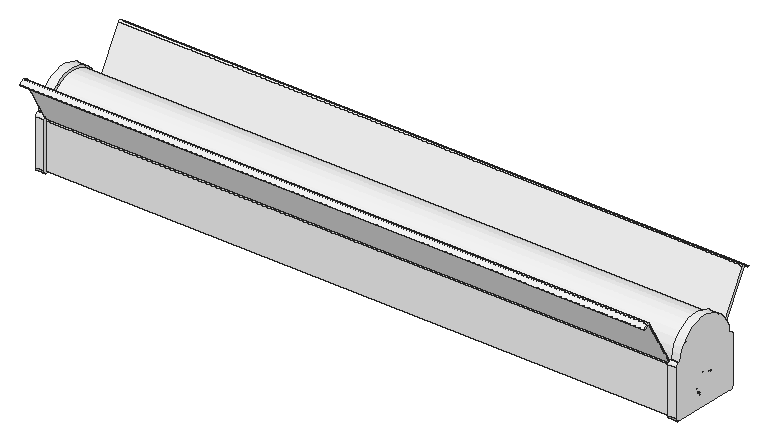
Revit family "0045176+0045231 Feilo Sylvania Lighting Fixture SYLBATTEN LED1 WW TP3 with SYMMETRIC REFLECTOR ACCESSORY 600MM", category Lighting Fixtures, host Face, Revit 2017
Family settings
  Host = Face
  Round Connector Dimension = Use Diameter
  Part Type = Normal
  OmniClass Number = 23.80.70.00
  OmniClass Title = Lighting
  Cut with Voids When Loaded = No
  Light Source = Yes
  Shared = No
  Room Calculation Point = No
Parameters (values of type "0045176 SYLBATTEN LED1 WW TP3")
  Width_FEILO = 66 mm
  Weight = "1.254 kg"
  Wattage Comments = "n/a"
  Wattage = 11 W
  WarrantyStartDate [instance] = "n/a"
  WarrantyGuarantorParts = "n/a"
  WarrantyDurationUnit = "n/a"
  WarrantyDurationParts = "n/a"
  WarrantyDescription = "n/a"
  built-in parameter 1150110 = 1 (stored number, unit not read)
  Voltage = 230 V
  URL = "http://www.sylvania-lighting.com"
  TypeName = "SYLBATTEN LED1 WW TP3"
  Type Image = <None>
  Type Comments = "n/a"
  built-in parameter 1114217 = 1 (stored number, unit not read)
  Tilt Angle = -90.00°
  built-in parameter 1150109 = 1 (stored number, unit not read)
  built-in parameter 1150134 = (empty or 0)
  SymReflector_FEILO = yes
  built-in parameter 1150113 = 1 (stored number, unit not read)
  SerialNumber [instance] = "n/a"
  PowerFactor = 0
  PowerConsumption = "11 W"
  Photometric Web File = "0045176+0045231.ies"
  NominalLength = 605 mm
  NominalHeight = 91 mm
  NominalDepth = 122 mm
  Name = "SYLBATTEN LED1 WW TP3"
  ModelReference = Name  # "SYLBATTEN LED1 WW TP3"
  ModelNumber = "0045176"
  Model = Name  # "SYLBATTEN LED1 WW TP3"
  Material_4_FEILO = Reflector-Sylvania-Sylbatten-White
  Material_3_FEILO = Diffuser-Sylvania-Sylbatten-Glow
  Material_2_FEILO = Body-Sylvania-Sylbatten-White
  Material_1_FEILO = Body-Sylvania-Sylbatten-White
  Material = "sheet steel housing, polycarbonate diffuser"
  ManufacturerName = "Feilo Sylvania"
  Manufacturer = "Feilo Sylvania"
  LuminousEfficacy = "92 lm/W"
  built-in parameter 1150105 = 80.532 (stored number, unit not read)
  Lumens = 1012 lm
  LuminaireType = ""
  built-in parameter 1150115 = 1 (stored number, unit not read)
  LightOutputRatio = "100"
  built-in parameter 1150137 = (empty or 0)
  built-in parameter 1150139 = (empty or 0)
  Length_FEILO = 605 mm
  LampsType = Lamp  # "LED"
  LampNominalLuminous = "1012 lm"
  LampMacAdamStep = "n/a"
  LampColourTemperature = "3000 K"
  LampColourRenderingIndex = "80"
  built-in parameter 1150112 = 1 (stored number, unit not read)
  built-in parameter 1150114 = 1 (stored number, unit not read)
  Lamp = "LED"
  Keynote = "16500"
  InstallationDate [instance] = "n/a"
  InputVoltage = "220-240V~"
  InputNominalFrequency = "n/a"
  built-in parameter 1150132 = (empty or 0)
  built-in parameter 1150102 = (empty or 0)
  built-in parameter 1150107 = 3000 (stored number, unit not read)
  built-in parameter 1150138 = (empty or 0)
  IngressProtection = "IP20"
  ImpactProtectionIndex = "IK07"
  built-in parameter 1150106 = 0.80532 (stored number, unit not read)
  IfcExportType = "IfcLightFixtureType"
  IfcExportAs = "IfcLightFixtureType"
  Height_FEILO = 76 mm
  ExpectedLife = 50000
  Emit from Rectangle Width = Length_FEILO - 16 mm  # 589 mm
  Emit from Rectangle Length = Width_FEILO - 40 mm  # 26 mm
  Emit Shape Visible in Rendering = no
  ElectricShockClassification = "Class I"
  built-in parameter 1150104 = 8.5471 (stored number, unit not read)
  DurationUnit = "hours"
  DocumentationLiterature = "http://www.sylvania-lighting.com/product/en-int/products/0045176"
  DimmingControlOptions = "n/a"
  Dimming Lamp Color Temperature Shift = <None>
  Description = "LED batten, T8 replacement, ease of installation through 2 part push-in design of the housing (safety cable included), through wiring capability (TP3 = 3 core), sheet steel, 1012LM, 11W, 92lm/W, 3000K, drive current: 350mA, CRI 80, 138° wide beam angle, electronic driver (non dimmable), IP20, IK07, 50,000 hrs (L70), (LxWxH) 605x66x76mm, 5 step MacAdam ellipse, 1.8kg, white RAL 9016, Class 1, 220-240V, energy class: A++, A+, A."
  Default Elevation = 1219.2 mm
  CreatedOn = "1/25/2018"
  CreatedBy = ""
  Cost = 0
  Color Filter = 16777215
  built-in parameter 1114216 [instance] = (empty or 0)
  ClassificationValue = "EF_70_80"
  ClassificationName = "Uniclass2015"
  CapOffset_FEILO = 2 mm
  BarCode [instance] = "n/a"
  built-in parameter 1114218 = 1 (stored number, unit not read)
  BackReflector_FEILO = and(not(AsymReflector_FEILO), SymReflector_FEILO)  # yes
  built-in parameter 1150133 = 10 (stored number, unit not read)
  FrontReflector_FEILO = or(AsymReflector_FEILO, SymReflector_FEILO)  # yes
  AsymReflector_FEILO = no
  AssetType = "Fixed"
  AssetIdentifier [instance] = "n/a"
  Assembly Code = "D5020200"
  Apparent Load = 11 VA
Reference planes
  plane 1 "Center (Front/Back)": y = 0
  plane 2: z = 0
  plane 3 "Center (Left/Right)": x = 0
  plane 4: x = 302.5
  plane 5: x = -302.5
  plane 6: y = 33
  plane 7: y = -33
  plane 8: z = 76
  plane 9: z = 47
  plane 10: y = -29
  plane 11: y = 29
  plane 12: z = 20
  plane 13: z = 74
  plane 14: y = -31
  plane 15: y = -27
  plane 16: y = 27
  plane 17: y = 31
  plane 18: z = 2
  plane 19: x = -294.5
  plane 20: x = 294.5
  plane 21: z = 49
  plane 22: y = 1
  plane 23: y = -1
  plane 24: z = 21
  plane 25: z = 19
  plane 26: y = -61
  plane 27: y = 61
  plane 28: y = -56
  plane 29: y = 56
  plane 30: z = 91
  plane 31: z = 88
Forms (mm)
  Extrusion 1, solid, material "Body-Sylvania-Sylbatten-White" <- "Material_2_FEILO"
    sketch origin (0, 0, 0) x (0, 1, 0) y (0, 0, 1)
      loop
        line (-31, 2) -> (31, 2) -> (31, 45)
        arc (31, 45) -> (30.414, 46.414) -> (29, 47) r 2
        line (29, 47) -> (27, 47)
        arc (27, 47) -> (0, 74) -> (-27, 47) r 27
        line (-27, 47) -> (-29, 47)
        arc (-29, 47) -> (-30.414, 46.414) -> (-31, 45) r 2
        line (-31, 45) -> (-31, 2)
    from -294.5 to 294.5
  Extrusion 2, solid, material "Body-Sylvania-Sylbatten-White" <- "Material_2_FEILO"
    sketch origin (302.5, 1524, 1219.2) x (0, 1, 0) y (0, 0, 1)
      loop
        arc (-1494, -1219.2) -> (-1491.879, -1218.321) -> (-1491, -1216.2) r 3
        line (-1491, -1216.2) -> (-1491, -1173.2)
        arc (-1491, -1173.2) -> (-1491.879, -1171.079) -> (-1494, -1170.2) r 3
        line (-1494, -1170.2) -> (-1495.069, -1170.2)
        arc (-1495.069, -1170.2) -> (-1524, -1143.2) -> (-1552.931, -1170.2) r 29
        line (-1552.931, -1170.2) -> (-1554, -1170.2)
        arc (-1554, -1170.2) -> (-1556.121, -1171.079) -> (-1557, -1173.2) r 3
        line (-1557, -1173.2) -> (-1557, -1216.2)
        arc (-1557, -1216.2) -> (-1556.121, -1218.321) -> (-1554, -1219.2) r 3
        line (-1554, -1219.2) -> (-1494, -1219.2)
      loop
        arc (-1525, -1189.25) -> (-1531.071, -1192.129) -> (-1533.95, -1198.2) r 10
        line (-1533.95, -1198.2) -> (-1532.944, -1198.2)
        arc (-1532.944, -1198.2) -> (-1530.364, -1192.836) -> (-1525, -1190.256) r 9
        line (-1525, -1190.256) -> (-1525, -1189.25)
      loop
        arc (-1523, -1190.256) -> (-1517.636, -1192.836) -> (-1515.056, -1198.2) r 9
        line (-1515.056, -1198.2) -> (-1514.05, -1198.2)
        arc (-1514.05, -1198.2) -> (-1516.929, -1192.129) -> (-1523, -1189.25) r 10
        line (-1523, -1189.25) -> (-1523, -1190.256)
      loop
        line (-1532.944, -1200.2) -> (-1533.95, -1200.2)
        arc (-1533.95, -1200.2) -> (-1531.071, -1206.271) -> (-1525, -1209.15) r 10
        line (-1525, -1209.15) -> (-1525, -1208.144)
        arc (-1525, -1208.144) -> (-1530.364, -1205.564) -> (-1532.944, -1200.2) r 9
      loop
        arc (-1515.056, -1200.2) -> (-1517.636, -1205.564) -> (-1523, -1208.144) r 9
        line (-1523, -1208.144) -> (-1523, -1209.15)
        arc (-1523, -1209.15) -> (-1516.929, -1206.271) -> (-1514.05, -1200.2) r 10
        line (-1514.05, -1200.2) -> (-1515.056, -1200.2)
    from 0 to -8
  Extrusion 3, solid, material "Body-Sylvania-Sylbatten-White" <- "Material_2_FEILO"
    sketch origin (-302.5, 1524, 1219.2) x (0, 1, 0) y (0, 0, 1)
      loop
        arc (-1495.069, -1170.2) -> (-1524, -1143.2) -> (-1552.931, -1170.2) r 29
        line (-1552.931, -1170.2) -> (-1554, -1170.2)
        arc (-1554, -1170.2) -> (-1556.121, -1171.079) -> (-1557, -1173.2) r 3
        line (-1557, -1173.2) -> (-1557, -1216.2)
        arc (-1557, -1216.2) -> (-1556.121, -1218.321) -> (-1554, -1219.2) r 3
        line (-1554, -1219.2) -> (-1494, -1219.2)
        arc (-1494, -1219.2) -> (-1491.879, -1218.321) -> (-1491, -1216.2) r 3
        line (-1491, -1216.2) -> (-1491, -1173.2)
        arc (-1491, -1173.2) -> (-1491.879, -1171.079) -> (-1494, -1170.2) r 3
        line (-1494, -1170.2) -> (-1495.069, -1170.2)
      loop
        line (-1533.95, -1198.2) -> (-1532.944, -1198.2)
        arc (-1532.944, -1198.2) -> (-1530.364, -1192.836) -> (-1525, -1190.256) r 9
        line (-1525, -1190.256) -> (-1525, -1189.25)
        arc (-1525, -1189.25) -> (-1531.071, -1192.129) -> (-1533.95, -1198.2) r 10
      loop
        line (-1523, -1189.25) -> (-1523, -1190.256)
        arc (-1523, -1190.256) -> (-1517.636, -1192.836) -> (-1515.056, -1198.2) r 9
        line (-1515.056, -1198.2) -> (-1514.05, -1198.2)
        arc (-1514.05, -1198.2) -> (-1516.929, -1192.129) -> (-1523, -1189.25) r 10
      loop
        line (-1514.05, -1200.2) -> (-1515.056, -1200.2)
        arc (-1515.056, -1200.2) -> (-1517.636, -1205.564) -> (-1523, -1208.144) r 9
        line (-1523, -1208.144) -> (-1523, -1209.15)
        arc (-1523, -1209.15) -> (-1516.929, -1206.271) -> (-1514.05, -1200.2) r 10
      loop
        line (-1525, -1209.15) -> (-1525, -1208.144)
        arc (-1525, -1208.144) -> (-1530.364, -1205.564) -> (-1532.944, -1200.2) r 9
        line (-1532.944, -1200.2) -> (-1533.95, -1200.2)
        arc (-1533.95, -1200.2) -> (-1531.071, -1206.271) -> (-1525, -1209.15) r 10
    from 0 to 8
  Extrusion 4, solid, material "Reflector-Sylvania-Sylbatten-White" <- "Material_4_FEILO", visible <- "FrontReflector_FEILO"
    sketch origin (0, 0, 0) x (0, 1, 0) y (0, 0, 1)
      loop
        line (-61.257, 88.429) -> (-60.743, 87.571) -> (-56.621, 90.044)
        arc (-56.621, 90.044) -> (-56.237, 90.099) -> (-55.929, 89.863) r 0.5
        line (-55.929, 89.863) -> (-31.435, 46.753) -> (-30.565, 47.247) -> (-55.312, 90.802)
        arc (-55.312, 90.802) -> (-55.928, 91.275) -> (-56.696, 91.165) r 1
        line (-56.696, 91.165) -> (-61.257, 88.429)
    from -294.5 to 294.5
  Extrusion 5, solid, material "Reflector-Sylvania-Sylbatten-White" <- "Material_4_FEILO", visible <- "BackReflector_FEILO"
    sketch origin (0, 0, 0) x (0, 1, 0) y (0, 0, 1)
      loop
        line (30.565, 47.247) -> (31.435, 46.753) -> (55.932, 89.868)
        arc (55.932, 89.868) -> (56.245, 90.112) -> (56.638, 90.062) r 0.518
        line (56.638, 90.062) -> (61.033, 87.565) -> (61.527, 88.435) -> (56.682, 91.188)
        arc (56.682, 91.188) -> (55.922, 91.282) -> (55.318, 90.812) r 1
        line (55.318, 90.812) -> (30.565, 47.247)
    from -294.5 to 294.5
Lines and regions (mm)
  reference lines
    curve 1: line (0, -61, 88) -> (0, -56, 91)
    curve 2: line (0, -56, 91) -> (0, -31, 47)
    curve 3: line (0, 31, 47) -> (0, 56, 91)
    curve 4: line (0, 56, 91) -> (0, 61.28, 88)
Dimensions and locks
  equal spacing: plane 5, plane 3 "Center (Left/Right)", plane 4
  equal spacing: plane 7, plane 1 "Center (Front/Back)", plane 6
  "Width_FEILO": plane 7 to plane 6
  "Length_FEILO": plane 5 to plane 4
  "Height_FEILO": plane 8 to plane 2
  locked: plane 9 to plane 8 at 29
  equal spacing: plane 10, plane 1 "Center (Front/Back)", plane 11
  locked: plane 7 to plane 10 at 4
  locked: plane 12 to plane 2 at 20
  "CapOffset_FEILO": plane 13 to plane 8
  "CapOffset_FEILO": plane 7 to plane 14
  "CapOffset_FEILO": plane 10 to plane 15
  "CapOffset_FEILO": plane 17 to plane 6
  "CapOffset_FEILO": plane 16 to plane 11
  "CapOffset_FEILO": plane 18 to plane 2
  locked: plane 14 to Extrusion 1 sketch curve at 2
  locked: Extrusion 1 sketch curve to plane 9 at 2  (x2)
  locked: plane 16 to Extrusion 1 sketch curve at 2
  equal spacing: plane 19, plane 3 "Center (Left/Right)", plane 20
  locked: plane 5 to plane 19 at 8
  "CapOffset_FEILO": plane 9 to plane 21
  locked: Extrusion 2 sketch curve to plane 2 at 47
  locked: Extrusion 1 sketch curve to plane 2 at 47
  locked: Extrusion 2 sketch curve to plane 2 at 3  (x2)
  locked: plane 7 to Extrusion 2 sketch curve at 3  (x2)
  locked: Extrusion 2 sketch curve to plane 6 at 3  (x2)
  locked: Extrusion 2 sketch curve to plane 21 at 3  (x2)
  equal spacing: plane 23, plane 1 "Center (Front/Back)", plane 22
  equal spacing: plane 25, plane 12, plane 24
  plane 30 to plane 31 to plane 2 = 3 mm locked, 88 mm locked
  plane 28 to plane 29 = 112 mm
  plane 26 to plane 27 = 122 mm
  aligned and locked: plane 2 to host face
  aligned and locked: level to host face
  aligned and locked: plane 18 to Extrusion 1 sketch curve
  aligned and locked: plane 14 to Extrusion 1 sketch curve
  aligned and locked: Extrusion 1 sketch curve to plane 9  (x2)
  aligned and locked: Extrusion 1 sketch curve to plane 17
  aligned and locked: plane 15 to Extrusion 1 sketch curve
  aligned and locked: plane 16 to Extrusion 1 sketch curve
  aligned and locked: plane 9 to Extrusion 1 sketch curve
  aligned and locked: plane 20 to Extrusion 1
  aligned and locked: level to Extrusion 2 sketch curve
  aligned and locked: Extrusion 2 sketch curve to plane 7
  aligned and locked: plane 21 to Extrusion 2 sketch curve
  aligned and locked: Extrusion 2 sketch curve to plane 21
  aligned and locked: plane 1 "Center (Front/Back)" to Extrusion 2 sketch curve  (x3)
  aligned and locked: Extrusion 2 to Extrusion 1
  aligned and locked: plane 4 to Extrusion 2
  aligned and locked: plane 12 to Extrusion 2 sketch curve  (x2)
  aligned and locked: Extrusion 2 sketch curve to plane 22
  aligned and locked: Extrusion 2 sketch curve to plane 23
  aligned and locked: Extrusion 2 sketch curve to plane 24
  aligned and locked: Extrusion 2 sketch curve to plane 25
  aligned and locked: plane 25 to Extrusion 2 sketch curve
  aligned and locked: plane 22 to Extrusion 2 sketch curve
  aligned and locked: plane 24 to Extrusion 2 sketch curve
  aligned and locked: plane 23 to Extrusion 2 sketch curve  (x2)
  aligned and locked: Extrusion 3 sketch curve to Extrusion 2  (x22)
  aligned and locked: Extrusion 3 to Extrusion 1
  aligned and locked: Extrusion 3 to plane 5
  aligned and locked: plane 19 to Extrusion 3
  aligned and locked: plane 31 to curve 1
  aligned and locked: plane 30 to curve 1
  aligned and locked: plane 14 to curve 2
  aligned and locked: plane 9 to curve 2
  aligned and locked: plane 17 to curve 3
  aligned and locked: plane 30 to curve 3
  aligned and locked: plane 31 to curve 4
  aligned and locked: Extrusion 4 sketch curve to curve 2
  aligned and locked: Extrusion 4 sketch curve to curve 1
  aligned and locked: Extrusion 4 to Extrusion 1
  aligned and locked: Extrusion 1 to Extrusion 4
  aligned and locked: imposter light to plane 1 "Center (Front/Back)"
  aligned and locked: imposter light to plane 3 "Center (Left/Right)"
  aligned and locked: imposter light to plane 13
  aligned and locked: Extrusion 5 sketch curve to curve 4
  aligned and locked: Extrusion 5 sketch curve to curve 3
  aligned and locked: Extrusion 1 to Extrusion 5
  aligned and locked: Extrusion 5 to Extrusion 1
Automatic sketch dimensions
  host sketch curve to host sketch curve = 2438.4 mm  (x2)
  Extrusion 2 sketch curve to Extrusion 2 sketch curve = 0 mm  (x14)
  Extrusion 2 sketch curve to plane 10 = 0.069 mm
  plane 23 to Extrusion 2 sketch curve = 8.95 mm
  Extrusion 2 sketch curve to Extrusion 2 sketch curve = 1.006 mm  (x4)
  Extrusion 2 sketch curve to plane 22 = 7.944 mm
  curve 1 to plane 26 = 0 mm
  curve 2 to plane 28 = 0 mm
  curve 4 to plane 29 = 0 mm
  plane 9 to curve 3 = 0 mm
  plane 26 to Extrusion 4 sketch curve = 0.257 mm
  Extrusion 4 sketch curve to plane 26 = 0.257 mm
  Extrusion 4 sketch curve to plane 30 = 0.165 mm
  plane 28 to Extrusion 4 sketch curve = 0.696 mm
  plane 28 to Extrusion 4 sketch curve = 0.621 mm
  plane 28 to Extrusion 4 sketch curve = 0.364 mm
  plane 28 to Extrusion 4 sketch curve = 0.182 mm
  Extrusion 4 sketch curve to plane 28 = 0.071 mm
  plane 30 to Extrusion 4 sketch curve = 0.198 mm
  Extrusion 4 sketch curve to plane 28 = 0.688 mm
  plane 9 to Extrusion 4 sketch curve = 0.247 mm
  plane 1 "Center (Front/Back)" to Extrusion 4 sketch curve = 31.435 mm
  Extrusion 5 sketch curve to plane 9 = 0.247 mm
  Extrusion 5 sketch curve to plane 1 "Center (Front/Back)" = 30.565 mm
  plane 9 to Extrusion 5 sketch curve = 0.247 mm
  plane 30 to Extrusion 5 sketch curve = 0.188 mm
  plane 29 to Extrusion 5 sketch curve = 0.068 mm
  Extrusion 5 sketch curve to plane 29 = 0.188 mm
  Extrusion 5 sketch curve to plane 29 = 0.382 mm
  Extrusion 5 sketch curve to Extrusion 5 sketch curve = 0.256 mm
  Extrusion 5 sketch curve to plane 30 = 0.188 mm
  Extrusion 5 sketch curve to plane 29 = 0.682 mm
  Extrusion 5 sketch curve to plane 27 = 0.033 mm
  Extrusion 5 sketch curve to plane 27 = 0.527 mm
Connectors
  electrical at (0, 0, 0), driven by "Apparent Load", driven by "PowerFactor", driven by "Voltage"
    settings: index 1, voltage 230 V, apparent load 11 VA, apparent load phase1 0 VA, apparent load phase2 0 VA, apparent load phase3 0 VA, power factor 0, load classification "Lighting", number of poles 1, system type 30, power factor state 1, is connector primary yes, connector utility no, sub classification motor no, connector description ""
